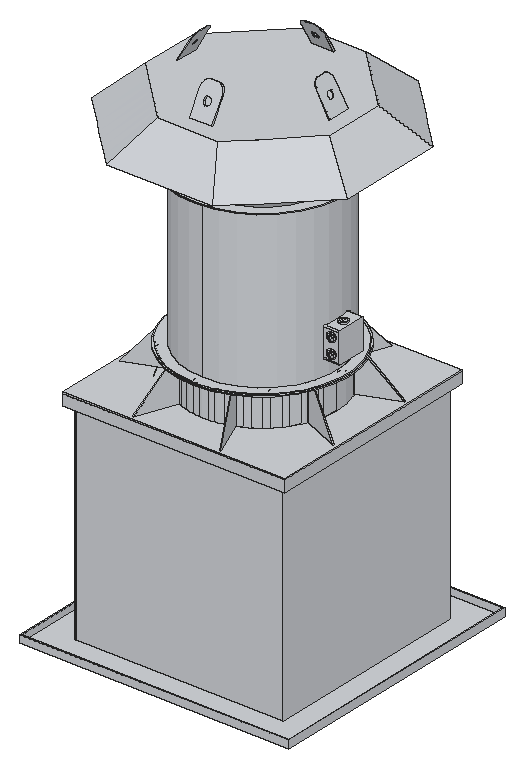
Revit family "ВентКлиматСтрой Вентилятор подпора крышный осевой ВКОп", category Оборудование, Revit 2019
Family settings
  Размер круглого соединителя = Использовать диаметр
  Тип детали = Нормальный
  Номер OmniClass = 23.75.35.17.11
  Заголовок OmniClass = Fans for Air Ductwork
  На основе рабочей плоскости = Нет
  Всегда вертикально = Да
  При загрузке вырезать с полостями = Нет
  Общий = Нет
  Точка расчета площади = Да
Parameters (values of type "ВКОп 13-284-12К-4 (4 полюсный)")
  № [instance] = 1
  УшкоШирина = 60 mm  # constant formula
  УГО_3D = yes
  Стакан монтажный [instance] = yes
  Размер символа УГО 1D [instance] = 500 mm
  Полюсов = 4
  Описание = "Вентилятор осевой крышный для систем подпора при пожаре"  # constant formula
  МинРазмерШахты = size_lookup("СТМ200", "ShaftMinSize", 500 mm, D)  # 545 mm
  Марка двигателя [instance] = size_lookup("ВКОп-13-284", "Drive", "", D, Полюсов, №)  # "АИР56A4"
  Клапан с электроприводом [instance] = no
  Изготовитель = "ООО \"ЗВО ВентКлиматСтрой\" тел.: +7(495)552-95-33 e-mail: vclimat@bk.ru"  # constant formula
  W2' = W2 - 200 mm  # 756 mm
  W2 = size_lookup("ВКОп-13-284", "W2", 956 mm, D)  # 956 mm
  W1' = W1 - 200 mm  # 495 mm
  W1 = size_lookup("ВКОп-13-284", "W1", 695 mm, D)  # 695 mm
  STM_h' [instance] = if(Стакан монтажный, 598 mm, 0 mm)  # 598 mm
  STM_Hb1 [instance] = if(Стакан монтажный, 20 mm, 0 mm)  # 20 mm
  STM_Hb [instance] = if(Стакан монтажный, 20 mm, 0 mm)  # 20 mm
  STM_H' [instance] = if(Стакан монтажный, 600 mm, 0 mm)  # 600 mm
  STM_C = size_lookup("СТМ200", "C", 420 mm, D)  # 465 mm
  STM_B = size_lookup("СТМ200", "B", 685 mm, D)  # 730 mm
  STM_A = size_lookup("СТМ200", "A", 520 mm, D)  # 565 mm
  Re = D / 2 + 1 mm  # 201 mm
  R2 = 0.5 * size_lookup("ВКОп-13-284", "D2", 460 mm, D)  # 230 mm
  R1 = 0.5 * size_lookup("ВКОп-13-284", "D1", 430 mm, D)  # 215 mm
  h = size_lookup("ВКОп-13-284", "h", 370 mm, D)  # 440 mm
  Hпер [instance] = size_lookup("Переход ВКОп-СМ", "H", 100 mm, D)  # 100 mm
  H2 = 0.55 * H  # 387.75 mm
  Lw, дБА [instance] = size_lookup("ВКОп-13-284", "Lw", 60, D, Полюсов, №)  # 75
  f = R2 - D / 2  # 30 mm
  Poles = 3
  H = size_lookup("ВКОп-13-284", "H", 627 mm, D)  # 705 mm
  D4 = size_lookup("ВКОп-13-284", "D4", 750 mm, D)  # 750 mm
  D2 = 0.5 * (D + W1)  # 547.5 mm
  ADSK_Частота вращения двигателя [instance] = size_lookup("ВКОп-13-284", "Freq", 1400, D, Полюсов, №)  # 1400
  ADSK_Частота вращения вентилятора [instance] = ADSK_Частота вращения двигателя  # 1400
  ADSK_Ток [instance] = ADSK_Номинальная мощность / (ADSK_Коэффициент мощности * ADSK_Напряжение * sqrt(ADSK_Количество фаз числовое))  # 0 A
  ADSK_Свободный напор воздуха [instance] = 0.0 Pa
  ADSK_Предел огнестойкости экземпляра = "120 мин."  # constant formula
  ADSK_Предел огнестойкости = "120"  # constant formula
  ADSK_Полная мощность [instance] = ADSK_Номинальная мощность / ADSK_Коэффициент мощности  # 0 VA
  ADSK_Обозначение = ""
  ADSK_Номинальная мощность [instance] = size_lookup("ВКОп-13-284", "Pel", 0, D, ADSK_Частота вращения двигателя, Полюсов, №) * 1000 W  # 0 W
  ADSK_Напряжение = 380 V  # constant formula
  ADSK_Материал тип подсчета = 0  # constant formula
  ADSK_Коэффициент мощности [instance] = if(or(ADSK_Номинальная мощность < 1000 W, ADSK_Номинальная мощность = 1000 W), 0.65, if(and(ADSK_Номинальная мощность > 1000 W, ADSK_Номинальная мощность < 4000 W), 0.75, if(or(ADSK_Номинальная мощность > 4000 W, ADSK_Номинальная мощность = 4000 W), 0.85, 0)))  # 0.65
  ADSK_Количество фаз числовое = 3  # constant formula
  ADSK_Количество = 1  # constant formula
  ADSK_Классификация нагрузок = Прочее
  Hofs [instance] = if(Стакан монтажный, Hпер + 600 mm, 0 mm)  # 700 mm
  Data = "ВКОп-13-284"  # constant formula
  D = 400 mm
  ADSK_Расход воздуха [instance] = 0 m³/h
  ADSK_Примечание [instance] = ""
  ADSK_Позиция [instance] = ""
  ADSK_Наименование краткое [instance] = "Вентилятор осевой крышный для систем подпора при пожаре"  # constant formula
  ADSK_Наименование [instance] = size_lookup("ВКОп-13-284", "Name", "ВентКлиматСтрой ВКОп: Некорректный типоразмер", D, Полюсов, №)  # "Вентилятор осевой крышный для систем дымоудаления при пожаре №4, общепромышленного исполнения, с электродвигателем мощностью 0.12 кВт, число полюсов 4"
  ADSK_Масса [instance] = size_lookup("ВКОп-13-284", "Weight", 0, D, Полюсов, №)  # 37.2
  ADSK_Марка [instance] = size_lookup("ВКОп-13-284", "", "ВентКлиматСтрой ВКОп: Некорректный типоразмер", D, Полюсов, №)  # "ВКОп 13-284-12К/15-4 0.12/1400"
  ADSK_Код изделия [instance] = ""
  ADSK_Завод-изготовитель [instance] = "ООО \"ЗВО ВентКлиматСтрой\""  # constant formula
  ADSK_Единица измерения = "шт."  # constant formula
  ADSK_Группирование [instance] = ""
  ADSK_Версия семейства = "rev.1"  # constant formula
  ADSK_Версия Revit = "2019"  # constant formula
Reference planes
  plane 1 "По центру (Вперед/Назад)": y = 0
  plane 2: z = 0
  plane 3 "По центру (Влево/Вправо)": x = 0
  plane 4 "Base": z = 700
  plane 5: z = 706
  plane 6 "Вверх": z = 1405
  plane 7 "H1": z = 1325
  plane 8 "h": z = 1140
  plane 9: y = 247.5
  plane 10: y = -247.5
  plane 11: x = 207.5
  plane 12: x = -207.5
  plane 13: y = 207.5
  plane 14: y = -207.5
  plane 15: y = -247.5
  plane 16: y = 247.5
  plane 17: x = -247.5
  plane 18: x = 247.5
  plane 19 "h1": z = 1232.5
  plane 20: x = 247.5
  plane 21: x = -247.5
  plane 22 "Переход": z = 600
Forms (mm)
  Extrusion 1, solid, detail levels medium+fine
    sketch origin (0, 0, 0) x (1, 0, 0) y (0, 1, 0)
      loop
        line (282.5, -282.5) -> (282.5, 282.5) -> (-282.5, 282.5) -> (-282.5, -282.5) -> (282.5, -282.5)
      loop
        circle (0, 0) r 232.5
    from -1 to 600 <- "STM_H'"
  Extrusion 2, void
    sketch origin (0, 0, 0) x (1, 0, 0) y (0, 1, 0)
      loop
        line (280.5, 280.5) -> (-280.5, 280.5) -> (-280.5, -280.5) -> (280.5, -280.5) -> (280.5, 280.5)
    from -1 to 598 <- "STM_h'"
  Extrusion 3, solid
    sketch origin (0, 0, 0) x (1, 0, 0) y (0, 1, 0)
      loop
        line (282.5, 282.5) -> (-282.5, 282.5) -> (-282.5, -282.5) -> (282.5, -282.5) -> (282.5, 282.5)
      loop
        line (-365, 365) -> (-365, -365) -> (365, -365) -> (365, 365) -> (-365, 365)
    from -1 to 20 <- "STM_Hb"
  Extrusion 4, void
    sketch origin (0, 0, 0) x (1, 0, 0) y (0, 1, 0)
      loop
        line (282.5, -282.5) -> (282.5, 282.5) -> (-282.5, 282.5) -> (-282.5, -282.5) -> (282.5, -282.5)
      loop
        line (-363, -363) -> (363, -363) -> (363, 363) -> (-363, 363) -> (-363, -363)
    from 2 to 20 <- "STM_Hb1"
  Extrusion 5, void
    sketch origin (0, 0, 0) x (1, 0, 0) y (0, 1, 0)
      loop
        line (365, -365) -> (365, 365) -> (-365, 365) -> (-365, -365) -> (365, -365)
    from -1 to 0
  Sweep 6, solid
    path origin (0, 0, 700) x (0, -1, 0) y (1, 0, 0)
      loop
        circle (0, 0) r 200
    profile origin (-200, 0, 700) x (-1, 0, 0) y (0, 0, 1)
      loop
        line (0, 0) -> (30, 0) -> (30, 2) -> (2, 2) -> (2, 438) -> (30, 438) -> (30, 440) -> (0, 440) -> (0, 0)
  SweptBlend 7, solid
    path origin (0, 0, 0) x (1, 0, 0) y (0, 0, 1)
      loop
        line (0, 1232.5) -> (0, 1325)
    profile origin (0, 0, 1232.5) x (-1, 0, 0) y (0, -1, 0)
      loop
        line (-143.939, -347.5) -> (143.939, -347.5) -> (347.5, -143.939) -> (347.5, 143.939) -> (143.939, 347.5) -> (-143.939, 347.5) -> (-347.5, 143.939) -> (-347.5, -143.939) -> (-143.939, -347.5)
    end profile origin (0, 0, 1325) x (-1, 0, 0) y (0, -1, 0)
      loop
        line (82.5, -247.5) -> (250.021, -82.5) -> (250.021, 82.5) -> (82.5, 252.542) -> (-82.5, 252.542) -> (-250.021, 82.5) -> (-250.021, -82.5) -> (-82.5, -247.5) -> (82.5, -247.5)
  Sweep 8, solid, detail levels medium+fine
    path origin (0, 0, 1325) x (0, -1, 0) y (1, 0, 0)
      loop
        line (30, 0) -> (-30, 0)
    profile origin (0, 0, 1325) x (-1, 0, 0) y (0, 0, 1)
      loop
        line (207.5, 0) -> (161.312, 80) -> (159.003, 80) -> (205.191, 0) -> (207.5, 0)
      loop
        line (-207.5, 0) -> (-205.191, 0) -> (-159.003, 80) -> (-161.312, 80) -> (-207.5, 0)
  Sweep 9, void
    path origin (0, 0, 1325) x (0, -1, 0) y (1, 0, 0)
      loop
        line (0, 207.5) -> (0, -207.5)
    profile origin (0, 0, 1325) x (0, -1, 0) y (0, 0, 1)
      loop
        circle (0, 40) r 10
      loop
        line (-30, 80) -> (-30, 60)
        arc (-30, 60) -> (-24.142, 74.142) -> (-10, 80) r 20
        line (-10, 80) -> (-30, 80)
      loop
        line (30, 80) -> (10, 80)
        arc (10, 80) -> (24.142, 74.142) -> (30, 60) r 20
        line (30, 60) -> (30, 80)
  Sweep 10, solid, detail levels medium+fine
    path origin (0, 0, 1325) x (0, -1, 0) y (1, 0, 0)
      loop
        line (0, 30) -> (0, -30)
    profile origin (0, 0, 1325) x (0, -1, 0) y (0, 0, 1)
      loop
        line (-207.5, 0) -> (-205.191, 0) -> (-159.003, 80) -> (-161.312, 80) -> (-207.5, 0)
      loop
        line (207.5, 0) -> (161.312, 80) -> (159.003, 80) -> (205.191, 0) -> (207.5, 0)
  Sweep 11, void
    path origin (2.521, -2.521, 1325) x (-1, 0, 0) y (0, 1, 0)
      loop
        line (2.521, 210.021) -> (2.521, -204.979)
    profile origin (0, 0, 1325) x (1, 0, 0) y (0, 0, 1)
      loop
        circle (0, 40) r 10
      loop
        line (30, 80) -> (10, 80)
        arc (10, 80) -> (24.142, 74.142) -> (30, 60) r 20
        line (30, 60) -> (30, 80)
      loop
        line (-30, 80) -> (-30, 60)
        arc (-30, 60) -> (-24.142, 74.142) -> (-10, 80) r 20
        line (-10, 80) -> (-30, 80)
  SweptBlend 12, solid
    path origin (0, 0, 0) x (1, 0, 0) y (0, 0, 1)
      loop
        line (0, 1140) -> (0, 1232.5)
    profile origin (0, 0, 1140) x (-1, 0, 0) y (0, -1, 0)
      loop
        circle (0, 0) r 200
    end profile origin (0, 0, 1232.5) x (-1, 0, 0) y (0, -1, 0)
      loop
        circle (0, 0) r 273.75
Cuts and joins
  Extrusion 2, Extrusion 4, Extrusion 5 cuts Extrusion 1
  Extrusion 4, Extrusion 5 cuts Extrusion 3
  Sweep 9, Sweep 11 cuts Sweep 8
  Sweep 11 cuts Sweep 10
Lines and regions (mm)
  reference lines
    curve 1: line (0, 0, 866) -> (0, 0, 0)
Dimensions and locks
  locked: plane 5 to plane 4 "Base" at 6
  equal spacing: Extrusion 1 sketch curve, plane 3 "По центру (Влево/Вправо)", Extrusion 1 sketch curve
  "STM_A": Extrusion 1 sketch curve to Extrusion 1 sketch curve  (x2)
  equal spacing: Extrusion 1 sketch curve, plane 1 "По центру (Вперед/Назад)", Extrusion 1 sketch curve
  locked: cut or joined group of Extrusion 1, Extrusion 2, Extrusion 4, Extrusion 5 to Extrusion 2 sketch curve at 2  (x3)
  locked: Extrusion 2 sketch curve to cut or joined group of Extrusion 1, Extrusion 2, Extrusion 4, Extrusion 5 at 2
  equal spacing: Extrusion 3 sketch curve, plane 3 "По центру (Влево/Вправо)", Extrusion 3 sketch curve
  equal spacing: Extrusion 3 sketch curve, plane 1 "По центру (Вперед/Назад)", Extrusion 3 sketch curve
  "STM_B": Extrusion 3 sketch curve to Extrusion 3 sketch curve  (x2)
  locked: Extrusion 3 to Extrusion 4 sketch curve at 2  (x3)
  locked: Extrusion 4 sketch curve to Extrusion 3 at 2
  "H": plane 6 "Вверх" to plane 4 "Base"
  "h": plane 8 "h" to plane 4 "Base"
  locked: Sweep 6 sketch curve to profile plane at 2
  locked: Sweep 6 sketch curve to Sweep 6 sketch curve at 2  (x2)
  "f": profile plane to Sweep 6 sketch curve
  "f": Sweep 6 sketch curve to Sweep 6 sketch curve
  "h": Sweep 6 sketch curve to profile plane
  equal spacing: plane 9, plane 1 "По центру (Вперед/Назад)", plane 10
  "W1'": plane 9 to plane 10
  equal spacing: Sweep 8 sketch curve, plane 1 "По центру (Вперед/Назад)", Sweep 8 sketch curve
  "УшкоШирина": Sweep 8 sketch curve to Sweep 8 sketch curve
  equal spacing: plane 11, plane 3 "По центру (Влево/Вправо)", plane 12
  locked: Sweep 8 sketch curve to Sweep 8 sketch curve at 2  (x2)
  equal spacing: plane 6 "Вверх", Sweep 9 sketch curve, profile plane
  equal spacing: Sweep 10 sketch curve, plane 3 "По центру (Влево/Вправо)", Sweep 10 sketch curve
  "УшкоШирина": Sweep 10 sketch curve to Sweep 10 sketch curve
  locked: Sweep 10 sketch curve to Sweep 10 sketch curve at 2  (x2)
  locked: plane 15 to plane 14 at 40
  locked: plane 13 to plane 16 at 40
  equal spacing: plane 15, plane 1 "По центру (Вперед/Назад)", plane 16
  "W1'": plane 15 to plane 16
  equal spacing: plane 6 "Вверх", Sweep 11 sketch curve, profile plane
  locked: plane 6 "Вверх" to plane 7 "H1" at 80
  equal spacing: SweptBlend 7 sketch curve, plane 1 "По центру (Вперед/Назад)", SweptBlend 7 sketch curve
  "W1": SweptBlend 7 sketch curve to SweptBlend 7 sketch curve  (x4)
  equal spacing: SweptBlend 7 sketch curve, plane 3 "По центру (Влево/Вправо)", SweptBlend 7 sketch curve  (x3)
  equal spacing: plane 17, plane 3 "По центру (Влево/Вправо)", plane 18
  "W1'": plane 17 to plane 18
  equal spacing: plane 7 "H1", plane 19 "h1", plane 8 "h"
  locked: plane 21 to plane 12 at 40
  locked: plane 20 to plane 11 at 40
  "W1'": plane 21 to plane 20
  equal spacing: plane 17, SweptBlend 7 sketch curve, SweptBlend 7 sketch curve, plane 18  (x2)
  equal spacing: plane 10, SweptBlend 7 sketch curve, SweptBlend 7 sketch curve, plane 9
  equal spacing: plane 9, SweptBlend 7 sketch curve, SweptBlend 7 sketch curve, plane 10
  locked: plane 4 "Base" to plane 22 "Переход" at 100
  "Hofs": plane 4 "Base" to level
  "STM_C": diameter of Extrusion 1 sketch curve
  "D": diameter of Sweep 6 sketch curve
  "D": diameter of SweptBlend 12 sketch curve
  "D2": diameter of SweptBlend 12 sketch curve
  locked: Sweep 8 sketch curve to plane 12 (angle 30.00°)
  locked: plane 11 to Sweep 8 sketch curve (angle 30.00°)
  locked: plane 13 to Sweep 10 sketch curve (angle 30.00°)
  locked: Sweep 10 sketch curve to plane 14 (angle 30.00°)
  locked: SweptBlend 7 sketch curve to SweptBlend 7 sketch curve (angle 135.00°)  (x7)
  aligned and locked: level to plane 2
  aligned and locked: plane 2 to curve 1
  aligned and locked: curve 1 to plane 3 "По центру (Влево/Вправо)"
  aligned and locked: plane 3 "По центру (Влево/Вправо)" to nested 2
  aligned and locked: plane 5 to nested 2
  aligned and locked: Extrusion 3 sketch curve to cut or joined group of Extrusion 1, Extrusion 2, Extrusion 4, Extrusion 5  (x4)
  aligned and locked: Extrusion 4 sketch curve to Extrusion 3  (x4)
  aligned and locked: Extrusion 5 sketch curve to cut or joined group of Extrusion 3, Extrusion 4, Extrusion 5  (x4)
  aligned and locked: plane 1 "По центру (Вперед/Назад)" to nested 3
  aligned and locked: plane 3 "По центру (Влево/Вправо)" to nested 3
  aligned and locked: plane 3 "По центру (Влево/Вправо)" to Sweep 6 sketch curve
  aligned and locked: plane 1 "По центру (Вперед/Назад)" to Sweep 6 sketch curve
  aligned and locked: profile plane to Sweep 6 sketch curve
  aligned and locked: plane 7 "H1" to SweptBlend 7 sketch curve
  aligned and locked: Sweep 8 sketch curve to profile plane
  aligned and locked: plane 6 "Вверх" to Sweep 8 sketch curve
  aligned and locked: plane 12 to Sweep 8 sketch curve
  aligned and locked: Sweep 8 sketch curve to plane 6 "Вверх"
  aligned and locked: plane 11 to Sweep 8 sketch curve
  aligned and locked: profile plane to Sweep 8 sketch curve
  aligned and locked: Sweep 9 sketch curve to plane 1 "По центру (Вперед/Назад)"
  aligned and locked: Sweep 8 to Sweep 9 sketch curve  (x4)
  aligned and locked: profile plane to Sweep 9 sketch curve
  aligned and locked: Sweep 9 sketch curve to Sweep 8  (x2)
  aligned and locked: plane 13 to Sweep 10 sketch curve
  aligned and locked: Sweep 10 sketch curve to plane 6 "Вверх"
  aligned and locked: Sweep 10 sketch curve to profile plane
  aligned and locked: plane 14 to Sweep 10 sketch curve
  aligned and locked: profile plane to Sweep 10 sketch curve
  aligned and locked: plane 6 "Вверх" to Sweep 10 sketch curve
  aligned and locked: profile plane to Sweep 11 sketch curve
  aligned and locked: Sweep 11 sketch curve to plane 3 "По центру (Влево/Вправо)"
  aligned and locked: Sweep 10 to Sweep 11 sketch curve  (x2)
  aligned and locked: plane 6 "Вверх" to Sweep 11 sketch curve
  aligned and locked: Sweep 11 sketch curve to plane 6 "Вверх"
  aligned and locked: plane 19 "h1" to SweptBlend 7 sketch curve
  aligned and locked: plane 8 "h" to SweptBlend 12 sketch curve
  aligned and locked: plane 19 "h1" to SweptBlend 12 sketch curve
  aligned and locked: plane 3 "По центру (Влево/Вправо)" to SweptBlend 12 sketch curve  (x2)
  aligned and locked: plane 1 "По центру (Вперед/Назад)" to SweptBlend 12 sketch curve  (x2)
  aligned and locked: plane 1 "По центру (Вперед/Назад)" to nested 4
  aligned and locked: plane 3 "По центру (Влево/Вправо)" to nested 4
  aligned and locked: plane 22 "Переход" to nested 4
Automatic sketch dimensions
  curve 1 to plane 5 = 160 mm
  profile plane to Sweep 9 sketch curve = 10 mm
  Sweep 9 sketch curve to profile plane = 10 mm
  profile plane to Sweep 11 sketch curve = 10 mm
  Sweep 11 sketch curve to Sweep 11 sketch curve = 20 mm
  Sweep 11 sketch curve to profile plane = 10 mm
  Sweep 11 sketch curve to Sweep 11 sketch curve = 0 mm
  SweptBlend 7 sketch curve to plane 3 "По центру (Влево/Вправо)" = 0 mm
  SweptBlend 12 sketch curve to plane 3 "По центру (Влево/Вправо)" = 0 mm
  plane 1 "По центру (Вперед/Назад)" to Extrusion 1 sketch curve = 0 mm
  Extrusion 1 sketch curve to plane 3 "По центру (Влево/Вправо)" = 0 mm
  Sweep 6 sketch curve to plane 4 "Base" = 0 mm
  plane 9 to SweptBlend 7 sketch curve = 0 mm
  plane 18 to SweptBlend 7 sketch curve = 2.521 mm
  SweptBlend 7 sketch curve to plane 17 = 2.521 mm
  SweptBlend 7 sketch curve to plane 10 = 5.042 mm
  Sweep 8 sketch curve to plane 3 "По центру (Влево/Вправо)" = 0 mm
  plane 1 "По центру (Вперед/Назад)" to Sweep 10 sketch curve = 0 mm
  radius of Sweep 9 sketch curve = 10 mm
  radius of Sweep 11 sketch curve = 10 mm
Nested families
  nested 1: "Коробка подключения с основанием" at (200, 0, 786.667) x (0, 1, 0) z (1, 0, 0), type "Коробка подключения с основанием", detail levels medium+fine
    with Угловой элемент no, Площадка no, W 82 mm, H 41 mm, Base Offset 20 mm
  nested 2: "УГО_Вент_Вентилятор крышный" at (0, 0, 706) x (1, 0, 0) z (0, -1, 0), Размер символа <- "Размер символа УГО 1D", type "Крышный осевой с боковым выбросом", detail levels medium+fine
    with Размер символа 500 mm, Fo 125 mm
  nested 3: "Вл_Общ_Стакан монтажный СМ" at (0, 0, 0), visible <- "Стакан монтажный", Клапан с электроприводом <- "Клапан с электроприводом", D <- "D", type "Стакан монтажный СМ", detail levels coarse
    with МинРазмерШахты 545 mm, Коррозионностойкое исполнение no, Клапан с электроприводом no, STM_D 400 mm, STM_C 465 mm, Hст 600 mm, F 530 mm, Dвых 465 mm, D 400 mm, B 730 mm, ADSK_Свободный напор воздуха 0.0 Pa, ADSK_Расход воздуха 0 m³/h, ADSK_Примечание "", ADSK_Позиция "", ADSK_Наименование краткое "Монтажный стакан крышного вентилятора", ADSK_Наименование "Стакан монтажный для крышного осевого вентилятора ВКОПв №4, без уклона, с термоизоляцией, без встроенных клапанов, общепромышленное исполнение", ADSK_Масса_Текст "", ADSK_Масса 0, ADSK_Марка "СТМ 200 ОСВ 4 О", ADSK_Код изделия "", ADSK_Завод-изготовитель "ООО \"ЗВО ВентКлиматСтрой\"", ADSK_Группирование "", A 565 mm
  nested 4: "Вл_Общ_ВентКлиматСтрой Переход для монтажа вентилятора ВКОп к монтажному стакану СМ" at (0, 0, 600), visible <- "Стакан монтажный", Видимый <- "Стакан монтажный", D <- "D", ADSK_Группирование <- "ADSK_Группирование", type "Переход ВКОп-СМ"
    with Видимый yes, h 30 mm, b 8.75 mm, Re 202 mm, H 100 mm, De 404 mm, D2 470 mm, D1 435 mm, D 400 mm, B 530 mm, ADSK_Примечание "", ADSK_Позиция "", ADSK_Наименование краткое "Переход для монтажа крышного вентилятора", ADSK_Наименование "Переход для монтажа вентилятора ВКОп №4 к монтажному крышному стакану", ADSK_Масса_Текст "", ADSK_Масса 0, ADSK_Марка "Переход ВКОп-СМ 4", ADSK_Код изделия "", ADSK_Завод-изготовитель "ООО \"ЗВО ВентКлиматСтрой\"", ADSK_Группирование "", A' 450 mm, A 600 mm
Connectors
  hvac at (0, 0, 0), driven by "ADSK_Расход воздуха", driven by "D", driven by "МинРазмерШахты", driven by "МинРазмерШахты"
    settings: on curve 1, index 1, duct flow 0 m³/h, flow factor 0, pres drop 0.0 Pa, loss coef 0, conn angle 0.00°, conn width 545 mm, conn height 545 mm, conn diameter 400 mm, duct sys type 29, conn prof type 1, flow config 2, flow direction 2, loss method 4, conn ref index -1, conn util no, is conn primary yes, conn desc "Выход"
  electrical at (241, 0, 786.667), driven by "Poles", driven by "ADSK_Напряжение", driven by "ADSK_Коэффициент мощности", driven by "ADSK_Номинальная мощность"
    settings: on nested 1, index 2, voltage 380 V, apparent load 0 VA, apparent load phase1 0 VA, apparent load phase2 0 VA, apparent load phase3 0 VA, power factor 0.65, load classification "Прочее", number of poles 3, system type 30, power factor state 0, is connector primary yes, connector utility no, sub classification motor no, connector description "Подключение электричества"
Definition of nested family "Коробка подключения с основанием"
  Parameters (values of type "Switchbox with base")
    Угловой элемент [instance] = yes
    Площадка [instance] = yes
    Default Elevation = 0 mm
    W [instance] = 82 mm
    H [instance] = 41 mm
    Base_Width = 100 mm
    Base_RL = 50 mm
    Base_H = 20 mm
    Base Offset [instance] = 5 mm
  Reference planes
    plane 1 "По центру (Вперед/Назад)": y = 0
    plane 2: z = 0
    plane 3 "По центру (Влево/Вправо)": x = 0
    plane 4 "Switches": z = 35.5
    plane 5 "Top": z = 56
    plane 6 "Con1": y = -80
    plane 7 "Base": z = 15
    plane 8 "BaseBottom": z = -5
  Forms (mm)
    Extrusion 1, solid
      sketch origin (-0.8, -309.2, 0) x (1, 0, 0) y (0, 1, 0)
        loop
          line (-489.2, 689.2) -> (-489.2, -180.628) -> (498.724, -180.628) -> (498.724, 689.2) -> (-489.2, 689.2)
      from 0 to -200
    Extrusion 2, solid
      sketch origin (0, 0, 15) x (0, -1, 0) y (1, 0, 0)
        loop
          arc (-41, -38) -> (-40.121, -40.121) -> (-38, -41) r 3
          line (-38, -41) -> (38, -41)
          arc (38, -41) -> (40.121, -40.121) -> (41, -38) r 3
          line (41, -38) -> (41, 38)
          arc (41, 38) -> (40.121, 40.121) -> (38, 41) r 3
          line (38, 41) -> (-38, 41)
          arc (-38, 41) -> (-40.121, 40.121) -> (-41, 38) r 3
          line (-41, 38) -> (-41, -38)
      from 0 to 41 <- "H"
    Revolve 3, solid
      sketch origin (0, 0, 35.5) x (0, -1, 0) y (1, 0, 0)
        loop
          line (-20.5, 41) -> (-20.5, 46.931) -> (-22.5, 46.931) -> (-24.5, 45.448) -> (-26.5, 45.448) -> (-28.5, 43.966) -> (-30.5, 43.966) -> (-32.5, 42.483) -> (-32.5, 41) -> (-20.5, 41)
        loop
          line (-20.5, -41) -> (-32.5, -41) -> (-32.5, -42.483) -> (-30.5, -43.966) -> (-28.5, -43.966) -> (-26.5, -45.448) -> (-24.5, -45.448) -> (-22.5, -46.931) -> (-20.5, -46.931) -> (-20.5, -41)
        axis (-20.5, 46.931) -> (-20.5, -46.931)
      angle from 0 to 360
    Revolve 4, solid
      sketch origin (0, 0, 35.5) x (0, -1, 0) y (1, 0, 0)
        loop
          line (20.5, 41) -> (20.5, 46.931) -> (18.5, 46.931) -> (16.5, 45.448) -> (14.5, 45.448) -> (12.5, 43.966) -> (10.5, 43.966) -> (8.5, 42.483) -> (8.5, 41) -> (20.5, 41)
        loop
          line (20.5, -41) -> (8.5, -41) -> (8.5, -42.483) -> (10.5, -43.966) -> (12.5, -43.966) -> (14.5, -45.448) -> (16.5, -45.448) -> (18.5, -46.931) -> (20.5, -46.931) -> (20.5, -41)
        axis (20.5, 46.931) -> (20.5, -46.931)
      angle from 0 to 360
    Revolve 5, solid
      sketch origin (0, 0, 35.5) x (0, -1, 0) y (1, 0, 0)
        loop
          line (-41, 0) -> (-46.931, 0) -> (-46.931, -2) -> (-45.448, -4) -> (-45.448, -6) -> (-43.966, -8) -> (-43.966, -10) -> (-42.483, -12) -> (-41, -12) -> (-41, 0)
        loop
          line (41, 0) -> (41, -12) -> (42.483, -12) -> (43.966, -10) -> (43.966, -8) -> (45.448, -6) -> (45.448, -4) -> (46.931, -2) -> (46.931, 0) -> (41, 0)
        axis (-46.931, 0) -> (46.931, 0)
      angle from 0 to 360
    Revolve 6, solid, visible <- "Угловой элемент"
      sketch origin (0, -80, 0) x (-1, 0, 0) y (0, 0, 1)
        loop
          line (0, 0) -> (0, 5.931) -> (-2, 5.931) -> (-4, 4.448) -> (-6, 4.448) -> (-8, 2.966) -> (-10, 2.966) -> (-12, 1.483) -> (-12, 0) -> (0, 0)
        axis (0, 5.931) -> (0, 0)
      angle from 0 to 360
    Sweep 7, solid, visible <- "Угловой элемент"
      path origin (0, 0, 0) x (0, 1, 0) y (0, 0, 1)
        loop
          line (-45.448, 35.5) -> (-75, 35.5)
          arc (-75, 35.5) -> (-78.536, 34.036) -> (-80, 30.5) r 5
          line (-80, 30.5) -> (-80, 4.448)
      profile origin (0, -60.224, 35.5) x (0, 0, -1) y (1, 0, 0)
        loop
          circle (0, 0) r 2.5
    Sweep 8, solid, visible <- "Площадка"
      path origin (0, 0, 15) x (0, -1, 0) y (1, 0, 0)
        loop
          line (0, 50) -> (0, -130)
      profile origin (-40, 0, 15) x (0, -1, 0) y (0, 0, 1)
        loop
          line (50, -20) -> (50, -5)
          arc (50, -5) -> (48.536, -1.464) -> (45, 0) r 5
          line (45, 0) -> (-45, 0)
          arc (-45, 0) -> (-48.536, -1.464) -> (-50, -5) r 5
          line (-50, -5) -> (-50, -20) -> (-49, -20) -> (-49, -5)
          arc (-49, -5) -> (-47.828, -2.172) -> (-45, -1) r 4
          line (-45, -1) -> (45, -1)
          arc (45, -1) -> (47.828, -2.172) -> (49, -5) r 4
          line (49, -5) -> (49, -20) -> (50, -20)
    Sweep 9, void
      path origin (0, 0, 15) x (1, 0, 0) y (0, 1, 0)
        loop
          line (0, -50) -> (0, 50)
      profile origin (0, 0, 15) x (-1, 0, 0) y (0, 0, 1)
        loop
          line (-35, -20) -> (115, -20) -> (115, -14)
          arc (115, -14) -> (113.536, -10.464) -> (110, -9) r 5
          line (110, -9) -> (-30, -9)
          arc (-30, -9) -> (-33.536, -10.464) -> (-35, -14) r 5
          line (-35, -14) -> (-35, -20)
  Cuts and joins
    Sweep 9 cuts Revolve 6
    Sweep 9 cuts Sweep 8
  Lines and regions (mm)
    reference lines
      curve 1: line (0, -100, 0) -> (0, 100, 0)
      curve 2: line (-100, 0, 0) -> (100, 0, 0)
      curve 3: line (0, 0, 15) -> (50, 0, 15)
  Dimensions and locks
    equal spacing: Extrusion 2 sketch curve, plane 1 "По центру (Вперед/Назад)", Extrusion 2 sketch curve
    equal spacing: Extrusion 2 sketch curve, plane 3 "По центру (Влево/Вправо)", Extrusion 2 sketch curve
    "W": Extrusion 2 sketch curve to Extrusion 2 sketch curve  (x2)
    Revolve 3 sketch curve to Revolve 3 sketch curve = 12 mm
    locked: Revolve 3 sketch curve to Revolve 3 sketch curve at 5.931  (x2)
    equal spacing: Revolve 3 sketch curve, Revolve 3 sketch curve, Revolve 3 sketch curve, Revolve 3 sketch curve, Revolve 3 sketch curve, Revolve 3 sketch curve, Revolve 3 sketch curve  (x2)
    equal spacing: plane 1 "По центру (Вперед/Назад)", Revolve 3 sketch curve, Extrusion 2
    locked: Revolve 3 sketch curve to Revolve 3 sketch curve at 12
    Revolve 4 sketch curve to Revolve 4 sketch curve = 12 mm
    locked: Revolve 4 sketch curve to Revolve 4 sketch curve at 5.931  (x2)
    equal spacing: Revolve 4 sketch curve, Revolve 4 sketch curve, Revolve 4 sketch curve, Revolve 4 sketch curve, Revolve 4 sketch curve, Revolve 4 sketch curve, Revolve 4 sketch curve  (x2)
    locked: Revolve 4 sketch curve to Revolve 4 sketch curve at 12
    equal spacing: Extrusion 2, Revolve 4 sketch curve, plane 1 "По центру (Вперед/Назад)"
    locked: Revolve 5 sketch curve to Revolve 5 sketch curve at 12
    locked: Revolve 5 sketch curve to Revolve 5 sketch curve at 5.931  (x2)
    equal spacing: Revolve 5 sketch curve, Revolve 5 sketch curve, Revolve 5 sketch curve, Revolve 5 sketch curve, Revolve 5 sketch curve  (x2)
    equal spacing: Revolve 5 sketch curve, Revolve 5 sketch curve, Revolve 5 sketch curve, Revolve 5 sketch curve, Revolve 5 sketch curve, Revolve 5 sketch curve, Revolve 5 sketch curve  (x2)
    equal spacing: Revolve 3 sketch curve, Revolve 3 sketch curve, Revolve 3 sketch curve, Revolve 3 sketch curve, Revolve 3 sketch curve  (x2)
    equal spacing: Revolve 4 sketch curve, Revolve 4 sketch curve, Revolve 4 sketch curve, Revolve 4 sketch curve, Revolve 4 sketch curve  (x2)
    locked: Revolve 6 sketch curve to Revolve 6 sketch curve at 5.931
    equal spacing: Revolve 6 sketch curve, Revolve 6 sketch curve, Revolve 6 sketch curve, Revolve 6 sketch curve, Revolve 6 sketch curve
    equal spacing: Revolve 6 sketch curve, Revolve 6 sketch curve, Revolve 6 sketch curve, Revolve 6 sketch curve, Revolve 6 sketch curve, Revolve 6 sketch curve, Revolve 6 sketch curve
    locked: Revolve 6 sketch curve to Revolve 6 sketch curve at 12
    plane 6 "Con1" to Extrusion 2 = 39 mm
    "H": plane 5 "Top" to plane 7 "Base"
    equal spacing: plane 5 "Top", plane 4 "Switches", plane 7 "Base"
    locked: plane 7 "Base" to plane 8 "BaseBottom" at 20
    "Base Offset": level to plane 8 "BaseBottom"
    "Base_RL": plane 3 "По центру (Влево/Вправо)" to curve 3
    "Base_RL": plane 3 "По центру (Влево/Вправо)" to Sweep 8 sketch curve
    locked: Sweep 8 sketch curve to Sweep 8 sketch curve at 180
    locked: Sweep 8 sketch curve to Sweep 8 sketch curve at 1  (x3)
    equal spacing: Sweep 8 sketch curve, profile plane, Sweep 8 sketch curve
    "Base_Width": Sweep 8 sketch curve to Sweep 8 sketch curve
    "Base_H": Sweep 8 sketch curve to Sweep 8 sketch curve
    locked: Sweep 8 sketch curve to Sweep 8 sketch curve at 4  (x4)
    locked: Sweep 8 sketch curve to Sweep 8 sketch curve at 5  (x4)
    equal spacing: Sweep 9 sketch curve, curve 3, Sweep 9 sketch curve
    "Base_Width": Sweep 9 sketch curve to Sweep 9 sketch curve
    plane 6 "Con1" to plane 1 "По центру (Вперед/Назад)" = 80 mm
    Sweep 9 sketch curve to profile plane = 20 mm
    locked: Sweep 9 sketch curve to Sweep 9 sketch curve at 5  (x4)
    locked: Sweep 9 sketch curve to profile plane at 9
    locked: Sweep 9 sketch curve to curve 3 at 15
    locked: Sweep 9 sketch curve to Sweep 9 sketch curve at 150
    angle plane 1 "По центру (Вперед/Назад)" to curve 3 = 0.00°
    aligned and locked: plane 2 to Extrusion 1
    aligned and locked: level to Extrusion 1
    aligned and locked: plane 3 "По центру (Влево/Вправо)" to curve 1
    aligned and locked: plane 1 "По центру (Вперед/Назад)" to curve 2
    aligned and locked: Revolve 3 sketch curve to Revolve 3 sketch curve  (x2)
    aligned and locked: Revolve 4 sketch curve to Revolve 4 sketch curve  (x2)
    aligned and locked: Extrusion 2 to Revolve 5 sketch curve  (x3)
    aligned and locked: Revolve 5 sketch curve to Revolve 5 sketch curve  (x2)
    aligned and locked: Revolve 5 sketch curve to Extrusion 2
    aligned and locked: Extrusion 2 to Revolve 3 sketch curve
    aligned and locked: Revolve 3 sketch curve to Extrusion 2
    aligned and locked: Extrusion 2 to Revolve 4 sketch curve
    aligned and locked: Revolve 4 sketch curve to Extrusion 2
    aligned and locked: Revolve 6 sketch curve to plane 3 "По центру (Влево/Вправо)"
    aligned and locked: Revolve 6 sketch curve to level
    aligned and locked: plane 3 "По центру (Влево/Вправо)" to Revolve 6 sketch curve
    aligned and locked: Sweep 7 sketch curve to Revolve 5
    aligned and locked: Sweep 7 sketch curve to Revolve 6
    aligned and locked: plane 3 "По центру (Влево/Вправо)" to curve 3
    aligned and locked: plane 1 "По центру (Вперед/Назад)" to curve 3
    aligned and locked: Sweep 8 sketch curve to Sweep 8 sketch curve
    aligned and locked: profile plane to Sweep 8 sketch curve
    aligned and locked: Sweep 8 sketch curve to curve 3
    aligned and locked: curve 1 to Sweep 9 sketch curve
  Automatic sketch dimensions
    Extrusion 1 sketch curve to Extrusion 1 sketch curve = 987.924 mm
    Extrusion 1 sketch curve to Extrusion 1 sketch curve = 869.828 mm
    curve 2 to plane 3 "По центру (Влево/Вправо)" = 100 mm
    plane 3 "По центру (Влево/Вправо)" to curve 2 = 100 mm
    plane 1 "По центру (Вперед/Назад)" to curve 1 = 100 mm
    curve 1 to plane 1 "По центру (Вперед/Назад)" = 100 mm
    Revolve 5 sketch curve to plane 3 "По центру (Влево/Вправо)" = 0 mm
    Revolve 5 sketch curve to plane 3 "По центру (Влево/Вправо)" = 2 mm
    Revolve 3 sketch curve to Revolve 3 sketch curve = 0 mm  (x2)
    Revolve 4 sketch curve to Revolve 4 sketch curve = 0 mm  (x2)
    Revolve 6 sketch curve to Revolve 6 sketch curve = 10 mm
    Revolve 6 sketch curve to Revolve 6 sketch curve = 20 mm
    Sweep 7 sketch curve to plane 6 "Con1" = 0 mm
    plane 4 "Switches" to Sweep 7 sketch curve = 0 mm
    plane 4 "Switches" to Sweep 7 sketch curve = 5 mm
    Sweep 7 sketch curve to plane 3 "По центру (Влево/Вправо)" = 0 mm
    Sweep 7 sketch curve to profile plane = 0 mm
    Extrusion 2 sketch curve to Extrusion 2 sketch curve = 3 mm  (x4)
    radius of Sweep 7 sketch curve = 2.5 mm
Definition of nested family "УГО_Вент_Вентилятор крышный"
  Parameters (values of type "Крышный осевой с боковым выбросом")
    Размер символа [instance] = 400 mm
    С выбросом вверх = not(С боковым выбросом)  # no
    С боковым выбросом = yes
    Радиальный = no
    Default Elevation = 0 mm
    Осевой_Канальный = not(Радиальный)  # yes
    Осевой = yes
    Канальный = and(not(Осевой), not(Радиальный))  # no
    Fo [instance] = 0.25 * Размер символа  # 100 mm
  Reference planes
    plane 1 "По центру (Вперед/Назад)": y = 0
    plane 2: z = 0
    plane 3 "По центру (Влево/Вправо)": x = 0
    plane 4: x = 200
    plane 5: x = -200
    plane 6: y = 400
    plane 7: y = 266.667
    plane 8: y = 133.333
    plane 9: y = 100
    plane 10: y = 33.333
    plane 11: y = 66.667
    plane 12: x = -133.333
    plane 13: x = -66.667
    plane 14: x = 133.333
    plane 15: x = 66.667
    plane 16: x = -100
    plane 17: x = 100
    plane 18: y = 333.333
    plane 19: y = 200
    plane 20: x = 300
    plane 21: x = -300
    plane 22: y = 500
    plane 23: x = -166.667
    plane 24: x = 166.667
  Forms (mm)
    Extrusion 1, solid, visible <- "Осевой"
      sketch origin (0, 0, 0) x (1, 0, 0) y (0, 1, 0)
        loop
          line (-100, 100) -> (-100, 33.333) -> (0, 66.667) -> (-100, 100)
      from -0.5 to 0.5
    Extrusion 2, solid, visible <- "Осевой"
      sketch origin (0, 0, 0) x (1, 0, 0) y (0, 1, 0)
        loop
          line (100, 100) -> (0, 66.667) -> (100, 33.333) -> (100, 100)
      from -0.5 to 0.5
    Extrusion 3, solid, visible <- "Радиальный"
      sketch origin (0, 0, 0) x (1, 0, 0) y (0, 1, 0)
        loop
          line (-133.333, 266.667) -> (-133.333, 133.333) -> (-66.667, 133.333) -> (-66.667, 266.667) -> (-133.333, 266.667)
        loop
          line (66.667, 266.667) -> (66.667, 133.333) -> (133.333, 133.333) -> (133.333, 266.667) -> (66.667, 266.667)
      from -0.5 to 0.5
  Lines and regions (mm)
    model lines
      curve 1: line (-200, 400, 0) -> (200, 400, 0)
      curve 2: line (200, 400, 0) -> (200, 133.333, 0)
      curve 3: line (200, 133.333, 0) -> (-200, 133.333, 0)
      curve 4: line (-200, 133.333, 0) -> (-200, 400, 0)
    model lines, visible <- "Осевой_Канальный"
      curve 5: line (-133.333, 133.333, 0) -> (-133.333, 0, 0)
      curve 6: line (-133.333, 0, 0) -> (133.333, 0, 0)
      curve 7: line (133.333, 0, 0) -> (133.333, 133.333, 0)
    model lines, visible <- "Осевой"
      curve 8: line (0, 133.333, 0) -> (0, 0, 0)
    model lines, visible <- "С боковым выбросом"
      curve 9: line (300, 333.333, 0) -> (300, 200, 0)
      curve 10: line (300, 200, 0) -> (415.47, 266.667, 0)
      curve 11: line (300, 333.333, 0) -> (415.47, 266.667, 0)
      curve 12: line (-300, 333.333, 0) -> (-300, 200, 0)
      curve 13: line (-300, 200, 0) -> (-415.47, 266.667, 0)
      curve 14: line (-300, 333.333, 0) -> (-415.47, 266.667, 0)
    model lines, visible <- "С выбросом вверх"
      curve 15: line (-66.667, 500, 0) -> (66.667, 500, 0)
      curve 16: line (66.667, 500, 0) -> (0, 615.47, 0)
      curve 17: line (-66.667, 500, 0) -> (0, 615.47, 0)
    model lines, visible <- "Канальный"
      curve 18: line (-133.333, 0, 0) -> (0, 133.333, 0)
      curve 19: line (0, 133.333, 0) -> (133.333, 0, 0)
    model lines, visible <- "Радиальный"
      curve 20: line (-66.667, 266.667, 0) -> (66.667, 266.667, 0)
      curve 21: line (-66.667, 0, 0) -> (-66.667, 266.667, 0)
      curve 22: line (66.667, 0, 0) -> (-66.667, 0, 0)
      curve 23: line (66.667, 266.667, 0) -> (66.667, 0, 0)
    reference lines
      curve 24: line (-200, 0, 0) -> (200, 0, 0)
      curve 25: line (0, 0, 0) -> (0, 400, 0)
  Dimensions and locks
    equal spacing: plane 6, plane 7, plane 8, plane 1 "По центру (Вперед/Назад)"
    equal spacing: plane 8, plane 9, plane 11, plane 10, plane 1 "По центру (Вперед/Назад)"
    "Размер символа": plane 1 "По центру (Вперед/Назад)" to plane 6
    "Размер символа": plane 5 to plane 4
    equal spacing: plane 12, plane 16, plane 13
    equal spacing: plane 15, plane 17, plane 14
    equal spacing: plane 6, plane 18, plane 7
    equal spacing: plane 7, plane 19, plane 8
    "Fo": plane 22 to plane 6
    equal spacing: plane 3 "По центру (Влево/Вправо)", plane 15, plane 14, plane 4
    equal spacing: plane 5, plane 12, plane 13, plane 3 "По центру (Влево/Вправо)"
    "Fo": plane 21 to plane 5
    equal spacing: curve 15, plane 3 "По центру (Влево/Вправо)", curve 15
    "Fo": plane 4 to plane 20
    equal spacing: plane 5, plane 3 "По центру (Влево/Вправо)", plane 4
    equal spacing: plane 14, plane 24, plane 4
    equal spacing: plane 5, plane 23, plane 12
    locked: curve 9 to curve 11 (angle 60.00°)
    locked: curve 10 to curve 9 (angle 60.00°)
    locked: curve 14 to curve 12 (angle 60.00°)
    locked: curve 12 to curve 13 (angle 60.00°)
    locked: plane 22 to curve 17 (angle 60.00°)
    locked: curve 16 to plane 22 (angle 60.00°)
    aligned and locked: level to plane 2
    aligned and locked: curve 10 to plane 7
    aligned and locked: plane 21 to curve 12
    aligned and locked: curve 15 to plane 22
    aligned and locked: plane 3 "По центру (Влево/Вправо)" to curve 17
    aligned and locked: Extrusion 3 sketch curve to plane 7  (x2)
    aligned and locked: plane 12 to Extrusion 3 sketch curve
    aligned and locked: plane 8 to Extrusion 3 sketch curve  (x2)
    aligned and locked: Extrusion 3 sketch curve to plane 13
    aligned and locked: Extrusion 3 sketch curve to plane 15
    aligned and locked: plane 14 to Extrusion 3 sketch curve
    aligned and locked: curve 20 to plane 7
    aligned and locked: curve 22 to plane 1 "По центру (Вперед/Назад)"
    aligned and locked: plane 15 to curve 23
    aligned and locked: plane 5 to curve 24
    aligned and locked: plane 4 to curve 24
    aligned and locked: plane 1 "По центру (Вперед/Назад)" to curve 24
    aligned and locked: plane 1 "По центру (Вперед/Назад)" to curve 25
    aligned and locked: plane 6 to curve 25
    aligned and locked: plane 3 "По центру (Влево/Вправо)" to curve 25
  Automatic sketch dimensions
    Extrusion 1 sketch curve to plane 10 = 0 mm
    Extrusion 1 sketch curve to plane 9 = 0 mm
    Extrusion 1 sketch curve to plane 16 = 0 mm
    Extrusion 1 sketch curve to plane 3 "По центру (Влево/Вправо)" = 0 mm
    Extrusion 1 sketch curve to plane 11 = 0 mm
    Extrusion 2 sketch curve to plane 3 "По центру (Влево/Вправо)" = 0 mm
    Extrusion 2 sketch curve to plane 10 = 0 mm
    Extrusion 2 sketch curve to plane 17 = 0 mm
    Extrusion 2 sketch curve to plane 11 = 0 mm
    Extrusion 2 sketch curve to plane 9 = 0 mm
    curve 14 to plane 7 = 0 mm
    curve 4 to plane 5 = 0 mm
    plane 1 "По центру (Вперед/Назад)" to curve 6 = 0 mm
    curve 6 to plane 12 = 0 mm
    curve 21 to plane 13 = 0 mm
    curve 17 to plane 13 = 0 mm
    curve 8 to plane 3 "По центру (Влево/Вправо)" = 0 mm
    curve 18 to plane 3 "По центру (Влево/Вправо)" = 0 mm
    curve 19 to plane 14 = 0 mm
    curve 2 to plane 4 = 0 mm
    plane 19 to curve 9 = 0 mm
    curve 9 to plane 20 = 0 mm
    plane 19 to curve 13 = 0 mm
    curve 1 to plane 6 = 0 mm
Definition of nested family "Вл_Общ_Стакан монтажный СМ"
  Parameters (values of type "СТМ 200 ОСВ")
    Ширина УГО = 400 mm
    СТМ 200 ОСВ = yes
    Description = "Монтажный стакан крышного вентилятора"  # constant formula
    МинРазмерШахты [instance] = size_lookup("СТМ200", "ShaftMinSize", 500 mm, D)  # 500 mm
    Коррозионностойкое исполнение [instance] = no
    Коннектор электрика = "Подключение электричества"
    Коннектор воздух (выход) = "Выход"
    Клапан с электроприводом [instance] = no
    Manufacturer = "ООО \"ЗВО ВентКлиматСтрой\" тел.: +7(495)552-95-33 e-mail: vclimat@bk.ru"  # constant formula
    STM_D [instance] = size_lookup("СТМ200", "D", 400 mm, D)  # 355 mm
    STM_C [instance] = size_lookup("СТМ200", "C", 465 mm, D)  # 420 mm
    F [instance] = size_lookup("СТМ200", "F", 480 mm, D)  # 480 mm
    Data = if(СТМ 200 ОСВ, "СТМ200ОСВ", "СТМ200")  # "СТМ200ОСВ"
    B [instance] = size_lookup("СТМ200", "B", 730 mm, D)  # 685 mm
    ADSK_Обозначение = ""
    ADSK_Материал тип подсчета = 0  # constant formula
    ADSK_Масса_Текст [instance] = ""
    ADSK_Количество = 1  # constant formula
    ADSK_Группирование [instance] = ""
    ADSK_Версия семейства = "rev.1"  # constant formula
    ADSK_Версия Revit = "2019"  # constant formula
    A [instance] = size_lookup("СТМ200", "A", 565 mm, D)  # 520 mm
    White = none
    Hст [instance] = 600 mm  # constant formula
    Dвых [instance] = size_lookup("СТМ200", "C", 465 mm, D)  # 420 mm
    ADSK_Свободный напор воздуха [instance] = 0.0 Pa
    D [instance] = 355 mm
    Cast Iron = none
    ADSK_Расход воздуха [instance] = 0 m³/h
    ADSK_Примечание [instance] = ""
    ADSK_Позиция [instance] = ""
    ADSK_Наименование краткое [instance] = "Монтажный стакан крышного вентилятора"  # constant formula
    ADSK_Наименование [instance] = size_lookup(Data, "Name", "Некорректный типоразмер", D, if(Клапан с электроприводом, 1, 0), if(Коррозионностойкое исполнение, 1, 0))  # "Стакан монтажный для крышного осевого вентилятора ВКОПв №3.55, без уклона, с термоизоляцией, без встроенных клапанов, общепромышленное исполнение"
    ADSK_Масса [instance] = 0  # constant formula
    ADSK_Марка [instance] = size_lookup(Data, "", "Некорректный типоразмер", D, if(Клапан с электроприводом, 1, 0), if(Коррозионностойкое исполнение, 1, 0))  # "СТМ 200 ОСВ 3,55 О"
    ADSK_Код изделия [instance] = ""
    ADSK_Завод-изготовитель [instance] = "ООО \"ЗВО ВентКлиматСтрой\""  # constant formula
    ADSK_Единица измерения = if(ADSK_Материал тип подсчета = 0, "шт.", if(ADSK_Материал тип подсчета = 1, "м.", if(ADSK_Материал тип подсчета = 2, "м2", if(ADSK_Материал тип подсчета = 3, "м3", if(ADSK_Материал тип подсчета = 4, "кг.", "н/п")))))  # "шт."
  Types (2): name
    СТМ 200
    СТМ 200 ОСВ
  Reference planes
    plane 1 "По центру (Вперед/Назад)": y = 0
    plane 2: z = 0
    plane 3 "По центру (Влево/Вправо)": x = 0
  Forms (mm)
    Extrusion 1, solid, detail levels medium+fine
      sketch origin (0, 0, 0) x (1, 0, 0) y (0, 1, 0)
        loop
          line (-342.5, 342.5) -> (-342.5, -342.5) -> (342.5, -342.5) -> (342.5, 342.5) -> (-342.5, 342.5)
        loop
          circle (0, 0.5) r 210
      from 0 to 600
    Extrusion 2, void
      sketch origin (0, 0, 600) x (0, 1, 0) y (1, 0, 0)
        loop
          line (-337.5, 337.5) -> (-337.5, -337.5) -> (337.5, -337.5) -> (337.5, 337.5) -> (-337.5, 337.5)
        loop
          line (-260, 260) -> (-260, -260) -> (260, -260) -> (260, 260) -> (-260, 260)
      from 0 to 595
    Extrusion 3, void
      sketch origin (0, 0, 600) x (0, 1, 0) y (1, 0, 0)
        loop
          line (342.5, -342.5) -> (342.5, 342.5) -> (-342.5, 342.5) -> (-342.5, -342.5) -> (342.5, -342.5)
        loop
          line (-337.5, 337.5) -> (-337.5, -337.5) -> (337.5, -337.5) -> (337.5, 337.5) -> (-337.5, 337.5)
      from 0 to 580
    Extrusion 4, void
      sketch origin (0, 0, 0) x (1, 0, 0) y (0, 1, 0)
        loop
          line (258, 258) -> (-258, 258) -> (-258, -258) -> (258, -258) -> (258, 258)
      from 0 to 598
  Cuts and joins
    Extrusion 2, Extrusion 3, Extrusion 4 cuts Extrusion 1
  Lines and regions (mm)
    reference lines
      curve 1: line (0, 0, 0) -> (0, 0, 100)
    model lines, detail levels coarse
      curve 2: line (-200, 0, 600) -> (-200, 0, 0)
      curve 3: line (-200, 0, 0) -> (200, 0, 0)
      curve 4: line (200, 0, 0) -> (200, 0, 600)
      curve 5: line (200, 0, 600) -> (-200, 0, 600)
    symbolic lines, detail levels coarse
      curve 6: arc (-210, 0.5, 0) -> (0, 210.5, 0) -> (210, 0.5, 0) r 210
      curve 7: arc (210, 0.5, 0) -> (0, -209.5, 0) -> (-210, 0.5, 0) r 210
  Dimensions and locks
    equal spacing: Extrusion 1 sketch curve, plane 3 "По центру (Влево/Вправо)", Extrusion 1 sketch curve
    equal spacing: Extrusion 1 sketch curve, plane 1 "По центру (Вперед/Назад)", Extrusion 1 sketch curve
    "B": Extrusion 1 sketch curve to Extrusion 1 sketch curve  (x2)
    locked: Extrusion 2 sketch curve to cut or joined group of Extrusion 1, Extrusion 2, Extrusion 3, Extrusion 4 at 5  (x2)
    locked: cut or joined group of Extrusion 1, Extrusion 2, Extrusion 3, Extrusion 4 to Extrusion 2 sketch curve at 5  (x2)
    equal spacing: Extrusion 2 sketch curve, plane 3 "По центру (Влево/Вправо)", Extrusion 2 sketch curve
    "A": Extrusion 2 sketch curve to Extrusion 2 sketch curve  (x2)
    equal spacing: Extrusion 2 sketch curve, plane 1 "По центру (Вперед/Назад)", Extrusion 2 sketch curve
    equal spacing: curve 2, plane 3 "По центру (Влево/Вправо)", curve 4
    "Ширина УГО": curve 2 to curve 4
    locked: cut or joined group of Extrusion 1, Extrusion 2, Extrusion 3, Extrusion 4 to Extrusion 4 sketch curve at 2
    locked: Extrusion 4 sketch curve to cut or joined group of Extrusion 1, Extrusion 2, Extrusion 3, Extrusion 4 at 2  (x3)
    "STM_C": diameter of Extrusion 1 sketch curve
    aligned and locked: level to plane 2
    aligned and locked: Extrusion 3 sketch curve to cut or joined group of Extrusion 1, Extrusion 2, Extrusion 3, Extrusion 4  (x8)
    aligned and locked: cut or joined group of Extrusion 1, Extrusion 2, Extrusion 3, Extrusion 4 to curve 5
    aligned and locked: curve 3 to level
    aligned and locked: curve 6 to cut or joined group of Extrusion 1, Extrusion 2, Extrusion 3, Extrusion 4
    aligned and locked: curve 7 to cut or joined group of Extrusion 1, Extrusion 2, Extrusion 3, Extrusion 4
  Automatic sketch dimensions
    curve 1 to plane 1 "По центру (Вперед/Назад)" = 0 mm
    curve 1 to level = 0 mm
    level to curve 1 = 100 mm
    Extrusion 1 sketch curve to plane 3 "По центру (Влево/Вправо)" = 0 mm
    Extrusion 1 sketch curve to plane 1 "По центру (Вперед/Назад)" = 0.5 mm
Definition of nested family "Вл_Общ_ВентКлиматСтрой Переход для монтажа вентилятора ВКОп к монтажному стакану СМ"
  Parameters (values of type "Переход ВКОп-СМ")
    Description = "Переход для монтажа крышного вентилятора"  # constant formula
    Manufacturer = "ООО \"ЗВО ВентКлиматСтрой\" тел.: +7(495)552-95-33 e-mail: vclimat@bk.ru"  # constant formula
    Видимый [instance] = yes
    h [instance] = size_lookup(Data, "h", 30 mm, D)  # 30 mm
    b [instance] = 0.25 * (D1 - D)  # 8.75 mm
    Re [instance] = De / 2  # 202 mm
    De [instance] = D + 4 mm  # 404 mm
    Data = "Переход ВКОп-СМ"  # constant formula
    D2 [instance] = D + 2 * (D1 - D)  # 470 mm
    B [instance] = size_lookup(Data, "B", 330 mm, D)  # 530 mm
    ADSK_Обозначение = ""
    ADSK_Материал тип подсчета = 0  # constant formula
    ADSK_Масса_Текст [instance] = ""
    ADSK_Количество = 1  # constant formula
    ADSK_Группирование [instance] = ""
    ADSK_Версия семейства = "rev.1"  # constant formula
    ADSK_Версия Revit = "2019"  # constant formula
    A' [instance] = D2 - 20 mm  # 450 mm
    A [instance] = size_lookup(Data, "A", 465 mm, D)  # 600 mm
    H [instance] = size_lookup(Data, "H", 50 mm, D)  # 100 mm
    D1 [instance] = size_lookup(Data, "D1", 355 mm, D)  # 435 mm
    D [instance] = 400 mm
    ADSK_Примечание [instance] = ""
    ADSK_Позиция [instance] = ""
    ADSK_Наименование краткое [instance] = "Переход для монтажа крышного вентилятора"  # constant formula
    ADSK_Наименование [instance] = size_lookup(Data, "Name", "Некорректный типоразмер", D)  # "Переход для монтажа вентилятора ВКОп №4 к монтажному крышному стакану"
    ADSK_Масса [instance] = 0  # constant formula
    ADSK_Марка [instance] = size_lookup(Data, "", "Некорректный типоразмер", D)  # "Переход ВКОп-СМ 4"
    ADSK_Код изделия [instance] = ""
    ADSK_Завод-изготовитель [instance] = "ООО \"ЗВО ВентКлиматСтрой\""  # constant formula
    ADSK_Единица измерения = if(ADSK_Материал тип подсчета = 0, "шт.", if(ADSK_Материал тип подсчета = 1, "м.", if(ADSK_Материал тип подсчета = 2, "м2", if(ADSK_Материал тип подсчета = 3, "м3", if(ADSK_Материал тип подсчета = 4, "кг.", "н/п")))))  # "шт."
  Reference planes
    plane 1 "По центру (Вперед/Назад)": y = 0
    plane 2: z = 0
    plane 3 "По центру (Влево/Вправо)": x = 0
    plane 4 "Вниз": z = -30
    plane 5 "Влево": x = -300
    plane 6 "Назад": y = 300
    plane 7 "Вправо": x = 300
    plane 8 "Вперед": y = -300
    plane 9 "Вверх": z = 100
    plane 10: through (0, 0, 1200) normal (-0.7071, 0.7071, 0)
    plane 11: through (0, 0, 1200) normal (-0.7071, -0.7071, 0)
    plane 12: through (153.796, -153.796, 1200) normal (-0.7071, 0.7071, 0)
    plane 13: through (-153.796, 153.796, 1200) normal (-0.7071, 0.7071, 0)
    plane 14: through (153.796, 153.796, 1200) normal (-0.7071, -0.7071, 0)
    plane 15: through (-153.796, -153.796, 1200) normal (-0.7071, -0.7071, 0)
    plane 16: x = 217.5
    plane 17: x = -217.5
    plane 18: y = 217.5
    plane 19: y = -217.5
  Forms (mm)
    Extrusion 1, solid, visible <- "Видимый", detail levels medium+fine
      sketch origin (0, 0, 0) x (1, 0, 0) y (0, 1, 0)
        loop
          line (-300, 300) -> (-300, -300) -> (300, -300) -> (300, 300) -> (-300, 300)
        loop
          circle (0, 0) r 200
      from 0 to 4
    Extrusion 2, solid, visible <- "Видимый", detail levels medium+fine
      sketch origin (0, 0, -30) x (-1, 0, 0) y (0, -1, 0)
        loop
          line (300, -300) -> (300, 300) -> (-300, 300) -> (-300, -300) -> (300, -300)
        loop
          line (-298, -298) -> (298, -298) -> (298, 298) -> (-298, 298) -> (-298, -298)
      from 0 to 30 <- "h"
    Extrusion 3, solid, visible <- "Видимый", detail levels medium+fine
      sketch origin (0, 0, 0) x (1, 0, 0) y (0, 1, 0)
        loop
          circle (0, 0) r 200
        loop
          circle (0, 0) r 202
      from 0 to 100 <- "H"
    Extrusion 4, solid, visible <- "Видимый", detail levels medium+fine
      sketch origin (0, 0, 100) x (-1, 0, 0) y (0, -1, 0)
        loop
          circle (0, 0) r 200
        loop
          circle (0, 0) r 235
        loop
          circle (0, -217.5) r 10
        loop
          circle (0, 217.5) r 10
        loop
          circle (-153.796, -153.796) r 10
        loop
          circle (153.796, 153.796) r 10
        loop
          circle (-217.5, 0) r 10
        loop
          circle (217.5, 0) r 10
        loop
          circle (153.796, -153.796) r 10
        loop
          circle (-153.796, 153.796) r 10
      from -2 to 0
    SweptBlend 5, solid, visible <- "Видимый", detail levels medium+fine
      path origin (0, 0, 0) x (1, 0, 0) y (0, 0, 1)
        loop
          line (0, 4) -> (0, 98)
      profile "Переход ВКОп подпорка : Переход ВКОп подпорка (низ)" origin (0, 0, 4) x (-1, 0, 0) y (0, -1, 0)
        loop
          line (-120.122, 290) -> (-77.302, 186.624)
          arc (-77.302, 186.624) -> (-142.127, 143.541) -> (-185.849, 79.146) r 202
          line (-185.849, 79.146) -> (-290, 122.287) -> (-290, 120.122) -> (-186.624, 77.302)
          arc (-186.624, 77.302) -> (-202, 0) -> (-186.624, -77.302) r 202
          line (-186.624, -77.302) -> (-290, -120.122) -> (-290, -122.287) -> (-185.849, -79.146)
          arc (-185.849, -79.146) -> (-142.127, -143.541) -> (-77.302, -186.624) r 202
          line (-77.302, -186.624) -> (-120.122, -290) -> (-117.957, -290) -> (-75.454, -187.389)
          arc (-75.454, -187.389) -> (0, -202.011) -> (75.454, -187.389) r 202
          line (75.454, -187.389) -> (117.957, -290) -> (120.122, -290) -> (77.302, -186.624)
          arc (77.302, -186.624) -> (142.127, -143.541) -> (185.849, -79.146) r 202
          line (185.849, -79.146) -> (290, -122.287) -> (290, -120.122) -> (186.624, -77.302)
          arc (186.624, -77.302) -> (202, 0) -> (186.624, 77.302) r 202
          line (186.624, 77.302) -> (290, 120.122) -> (290, 122.287) -> (185.849, 79.146)
          arc (185.849, 79.146) -> (142.127, 143.541) -> (77.302, 186.624) r 202
          line (77.302, 186.624) -> (120.122, 290) -> (117.957, 290) -> (75.451, 187.38)
          arc (75.451, 187.38) -> (0, 202) -> (-75.451, 187.38) r 202
          line (-75.451, 187.38) -> (-117.957, 290) -> (-120.122, 290)
      end profile "Переход ВКОп подпорка : Переход ВКОп подпорка (верх)" origin (0, 0, 98) x (-1, 0, 0) y (0, -1, 0)
        loop
          line (-89.056, 215) -> (-77.302, 186.624)
          arc (-77.302, 186.624) -> (-142.127, 143.541) -> (-185.849, 79.146) r 202
          line (-185.849, 79.146) -> (-215, 91.221) -> (-215, 89.056) -> (-186.624, 77.302)
          arc (-186.624, 77.302) -> (-202, 0) -> (-186.624, -77.302) r 202
          line (-186.624, -77.302) -> (-215, -89.056) -> (-215, -91.221) -> (-185.849, -79.146)
          arc (-185.849, -79.146) -> (-142.127, -143.541) -> (-77.302, -186.624) r 202
          line (-77.302, -186.624) -> (-89.056, -215) -> (-86.891, -215) -> (-75.454, -187.389)
          arc (-75.454, -187.389) -> (0, -202.011) -> (75.454, -187.389) r 202
          line (75.454, -187.389) -> (86.891, -215) -> (89.056, -215) -> (77.302, -186.624)
          arc (77.302, -186.624) -> (142.127, -143.541) -> (185.849, -79.146) r 202
          line (185.849, -79.146) -> (215, -91.221) -> (215, -89.056) -> (186.624, -77.302)
          arc (186.624, -77.302) -> (202, 0) -> (186.624, 77.302) r 202
          line (186.624, 77.302) -> (215, 89.056) -> (215, 91.221) -> (185.849, 79.146)
          arc (185.849, 79.146) -> (142.127, 143.541) -> (77.302, 186.624) r 202
          line (77.302, 186.624) -> (89.056, 215) -> (86.891, 215) -> (75.451, 187.38)
          arc (75.451, 187.38) -> (0, 202) -> (-75.451, 187.38) r 202
          line (-75.451, 187.38) -> (-86.891, 215) -> (-89.056, 215)
    Extrusion 6, void
      sketch origin (0, 0, 0) x (1, 0, 0) y (0, 1, 0)
        loop
          circle (0, 0) r 200
      from 0 to 100 <- "H"
  Cuts and joins
    Extrusion 6 cuts Extrusion 2
    Extrusion 6 cuts Extrusion 4
    joined: Extrusion 2, Extrusion 4
    Extrusion 6 cuts Extrusion 1
    Extrusion 6 cuts Extrusion 3
    Extrusion 6 cuts SweptBlend 5
  Lines and regions (mm)
    reference lines
      curve 1: line (0, 0, 0) -> (0, 0, 100)
  Dimensions and locks
    "h": level to plane 4 "Вниз"
    equal spacing: plane 8 "Вперед", plane 1 "По центру (Вперед/Назад)", plane 6 "Назад"
    "A": plane 8 "Вперед" to plane 6 "Назад"
    equal spacing: plane 5 "Влево", plane 3 "По центру (Влево/Вправо)", plane 7 "Вправо"
    "A": plane 5 "Влево" to plane 7 "Вправо"
    locked: plane 8 "Вперед" to Extrusion 2 sketch curve at 2
    locked: Extrusion 2 sketch curve to plane 6 "Назад" at 2
    locked: Extrusion 2 sketch curve to plane 7 "Вправо" at 2
    locked: plane 5 "Влево" to Extrusion 2 sketch curve at 2
    "H": plane 9 "Вверх" to level
    equal spacing: plane 12, plane 10, plane 13
    "D1": plane 12 to plane 13
    equal spacing: plane 15, plane 11, plane 14
    "D1": plane 15 to plane 14
    equal spacing: plane 17, plane 3 "По центру (Влево/Вправо)", plane 16
    "D1": plane 17 to plane 16
    equal spacing: plane 19, plane 1 "По центру (Вперед/Назад)", plane 18
    "D1": plane 19 to plane 18
    "D": diameter of Extrusion 1 sketch curve
    "De": diameter of Extrusion 3 sketch curve
    "D2": diameter of Extrusion 4 sketch curve
    "D": diameter of Extrusion 6 sketch curve
    aligned and locked: level to plane 2
    aligned and locked: plane 6 "Назад" to Extrusion 1 sketch curve
    aligned and locked: plane 5 "Влево" to Extrusion 1 sketch curve
    aligned and locked: Extrusion 1 sketch curve to plane 8 "Вперед"
    aligned and locked: Extrusion 1 sketch curve to plane 7 "Вправо"
    aligned and locked: plane 3 "По центру (Влево/Вправо)" to Extrusion 1 sketch curve
    aligned and locked: plane 1 "По центру (Вперед/Назад)" to Extrusion 1 sketch curve
    aligned and locked: Extrusion 2 sketch curve to Extrusion 1  (x4)
    aligned and locked: Extrusion 3 sketch curve to Extrusion 1  (x2)
    aligned and locked: plane 3 "По центру (Влево/Вправо)" to Extrusion 3 sketch curve
    aligned and locked: plane 1 "По центру (Вперед/Назад)" to Extrusion 3 sketch curve
    aligned and locked: Extrusion 4 sketch curve to Extrusion 3  (x2)
    aligned and locked: plane 3 "По центру (Влево/Вправо)" to Extrusion 4 sketch curve  (x3)
    aligned and locked: plane 1 "По центру (Вперед/Назад)" to Extrusion 4 sketch curve  (x3)
    aligned and locked: plane 18 to Extrusion 4 sketch curve
    aligned and locked: plane 19 to Extrusion 4 sketch curve
    aligned and locked: plane 13 to Extrusion 4 sketch curve
    aligned and locked: plane 11 to Extrusion 4 sketch curve  (x2)
    aligned and locked: plane 12 to Extrusion 4 sketch curve
